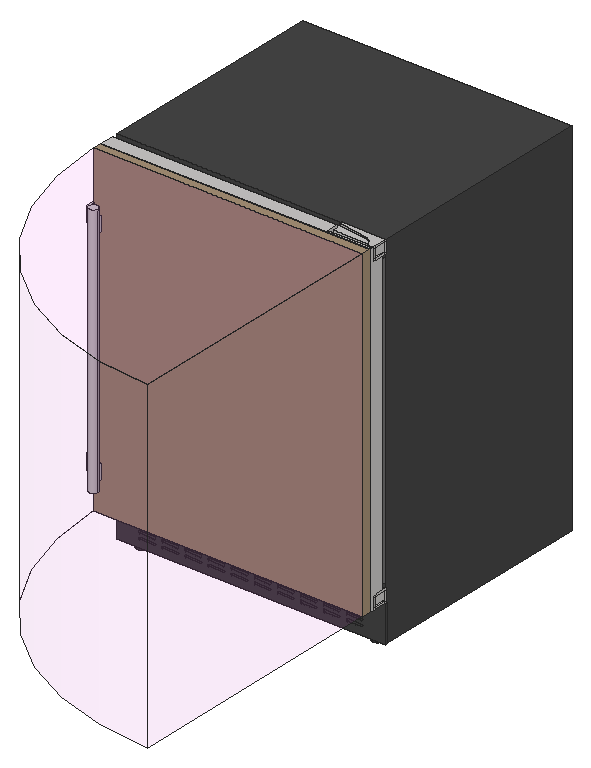
Revit family "QF_Summit_AL54IF_ADA_Compliant_All_Refrigerator", category Specialty Equipment, Revit 2020 (continued)
Automatic sketch dimensions
  Extrusion 39 sketch curve to Extrusion 39 sketch curve = 0.0578"
  Extrusion 39 sketch curve to Extrusion 27 = 0.6555"
  Extrusion 39 sketch curve to Extrusion 27 = 0.13109"
  Extrusion 40 sketch curve to Extrusion 39 = 0"
  Extrusion 40 sketch curve to Extrusion 40 sketch curve = 0.25294"
  Extrusion 40 sketch curve to Extrusion 40 sketch curve = 0.0578"
  Extrusion 40 sketch curve to Extrusion 39 = 0.6555"
  Extrusion 40 sketch curve to Extrusion 39 = 0.13109"
  Extrusion 2 to Extrusion 41 sketch curve = 5/16"  (x2)
  Extrusion 41 sketch curve to Extrusion 2 = 1/4"
  Extrusion 41 sketch curve to Extrusion 2 = 3.8749"
  curve 6 to curve 25 = 0"
  curve 43 to curve 44 = 0"  (x2)
  curve 43 to curve 47 = 0"  (x2)
  curve 43 to curve 48 = 0"  (x2)
  curve 44 to curve 47 = 0"  (x2)
  curve 44 to curve 48 = 0"  (x2)
  curve 47 to curve 48 = 0"  (x2)
  curve 39 to curve 24 = 2.4696"
  curve 38 to curve 39 = 0.02431"
  curve 37 to curve 38 = 0.13109"
  curve 10 to curve 39 = 0.13969"
  curve 13 to curve 36 = 15 5/8"
  curve 14 to curve 15 = 0.13109"
  curve 15 to curve 15 = 0.1554"
  curve 46 to curve 12 = 2 3/8"
  curve 16 to curve 46 = 0.18839"
  curve 48 to curve 46 = 1/4"
  curve 14 to curve 16 = 0.12181"
  curve 49 to curve 47 = 0.29737"
  curve 50 to curve 49 = 0.05736"
  curve 17 to curve 16 = 0.73171"
  curve 17 to curve 16 = 0.0578"
  curve 18 to curve 17 = 0.25294"
  curve 51 to curve 49 = 0.85263"
  curve 50 to curve 51 = 0.05736"
  curve 52 to curve 18 = 0.26917"
  curve 54 to curve 51 = 0.06764"
  curve 45 to curve 54 = 0.05736"
  curve 52 to curve 52 = 1/8"
  curve 6 to curve 23 = 1/8"
  curve 40 to curve 24 = 0.06161"
  curve 40 to curve 38 = 0.12181"
  curve 21 to curve 7 = 0.08685"
  curve 22 to curve 26 = 0.00922"
  curve 26 to curve 27 = 0.05736"
  curve 40 to curve 55 = 0.73171"
  curve 40 to curve 55 = 0.0578"
  curve 55 to curve 41 = 0.25294"
  curve 26 to curve 28 = 0.85263"
  curve 28 to curve 27 = 0.05736"
  curve 41 to curve 30 = 0.26917"
  curve 20 to curve 29 = 0"
  curve 28 to curve 32 = 0.06764"
  curve 32 to curve 21 = 0.05736"
  curve 29 to curve 31 = 1/8"
  curve 12 to curve 15 = 0.09747"
  curve 36 to curve 39 = 0.09747"
  curve 34 to curve 14 = 0.6555"
  curve 8 to curve 38 = 0.1555"
  curve 38 to curve 55 = 0.50276"
  curve 17 to curve 13 = 0.34174"
  curve 55 to curve 41 = 0.06674"
  curve 16 to curve 18 = 0.06674"
  curve 16 to curve 17 = 0.1588"
  curve 10 to curve 36 = 1"
  curve 52 to curve 20 = 0.49314"
  curve 31 to curve 9 = 0.49314"
  curve 20 to curve 51 = 0.50686"
  curve 9 to curve 29 = 0.50686"
  curve 32 to curve 28 = 0.01684"
  curve 54 to curve 51 = 0.01684"
  curve 51 to curve 49 = 0.59701"
  curve 26 to curve 22 = 0.28113"
  curve 26 to curve 27 = 0.08192"
  curve 49 to curve 50 = 0.08192"
  curve 49 to curve 46 = 0.08811"
  curve 46 to curve 44 = 0.43301"
  curve 33 to curve 35 = 0.00859"
  curve 46 to curve 44 = 1/8"
  curve 45 to curve 48 = 0.04034"
  curve 16 to curve 19 = 0.1177"
  curve 34 to curve 19 = 0.57261"
  curve 13 to curve 18 = 0"
  curve 11 to curve 34 = 1/8"
  curve 35 to curve 34 = 1/8"
  curve 42 to curve 55 = 0.1177"
  curve 8 to curve 9 = 1/8"
  curve 8 to curve 11 = 1/8"
  curve 11 to curve 35 = 1/2"
  curve 56 to plane 4 "RIGHT" = 0"
  plane 5 "FRONT" to curve 5 = 0"
  plane 5 "FRONT" to curve 61 = 0"
  curve 58 to plane 3 "LEFT" = 0"
  curve 60 to plane 3 "LEFT" = 0"
  plane 1 "BACK" to curve 1 = 0"
  curve 2 to plane 11 = 0"
  curve 3 to plane 11 = 0"
  curve 61 to curve 5 = 0.01166"
  plane 4 "RIGHT" to curve 60 = 3.18714"
  plane 3 "LEFT" to curve 4 = 3.18714"
  plane 3 "LEFT" to curve 61 = 0.01166"
  curve 3 to curve 56 = 1/2"
  curve 58 to plane 11 = 1/2"
  Extrusion 4 to Extrusion 42 sketch curve = 1/8"  (x2)
  Extrusion 4 to Extrusion 42 sketch curve = 1 1/2"  (x2)
  Extrusion 4 to Extrusion 42 sketch curve = 0.39223"  (x2)
  Extrusion 42 sketch curve to Extrusion 4 = 3 3/4"
  Extrusion 42 sketch curve to Extrusion 4 = 3.7499"
  Extrusion 43 sketch curve to Extrusion 42 = 0"  (x6)
  Extrusion 42 to Extrusion 43 sketch curve = 0"  (x2)
  radius of Extrusion 6 sketch curve = 1/4"
  radius of Extrusion 7 sketch curve = 3/8"
  radius of Extrusion 7 to Extrusion 13 sketch curve = 1/8"
  radius of Extrusion 13 sketch curve to Extrusion 7 = 0"
  radius of Extrusion 14 sketch curve to Extrusion 7 = 0"
  radius of Extrusion 7 to Extrusion 14 sketch curve = 1/8"
  radius of Extrusion 16 sketch curve = 0.18618"
  radius of Extrusion 19 sketch curve = 0.18618"
  radius of Extrusion 25 sketch curve to Extrusion 5 = 0"  (x3)
  radius of Extrusion 26 sketch curve to Extrusion 25 = 0"  (x3)
  radius of Extrusion 28 sketch curve = 3/8"
  radius of Extrusion 28 to Extrusion 29 sketch curve = 1/8"
  radius of Extrusion 29 sketch curve to Extrusion 28 = 0"
  radius of Extrusion 30 sketch curve to Extrusion 28 = 0"
  radius of Extrusion 28 to Extrusion 30 sketch curve = 1/8"
  radius of Extrusion 31 sketch curve = 0.18618"
  radius of Extrusion 34 sketch curve = 0.18618"
  radius of Extrusion 39 sketch curve to Extrusion 27 = 0"  (x3)
  radius of Extrusion 40 sketch curve to Extrusion 39 = 0"  (x3)
  radius of curve 6 to Extrusion 7 = 0"
  radius of curve 22 to Extrusion 7 = 0"
  radius of Extrusion 7 to curve 24 = 1/8"
Connectors (in)
  electrical at (20.5, 0.0625, 2.30244), driven by "Volts"
    settings: on Extrusion 6, index 1, voltage 115 V, apparent load 0 VA, apparent load phase1 0 VA, apparent load phase2 0 VA, apparent load phase3 0 VA, power factor 1, load classification "Other", number of poles 1, system type 30, power factor state 1, is connector primary yes, connector utility no, sub classification motor no, connector description "Electrical Connection"
